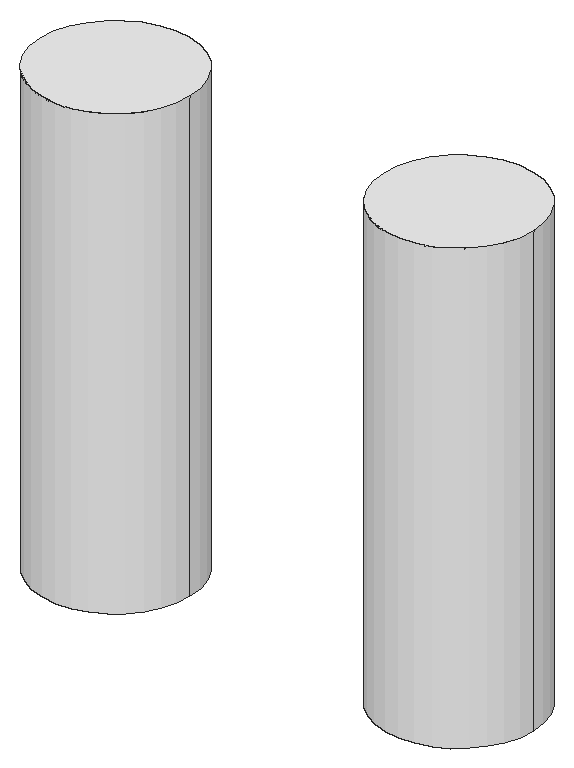
Revit family "45142283(2020)", category Plumbing Fixtures, Revit 2018
Family settings
  Round Connector Dimension = Use Diameter
  Part Type = Normal
  OmniClass Number = 23.45.55.00
  OmniClass Title = Sanitary Faucets, Wastes
  Work Plane-Based = No
  Always vertical = Yes
  Cut with Voids When Loaded = No
  Shared = No
  Room Calculation Point = No
Parameters (values of type "45142283 Kitchen faucet with dishwasher valve ")
  WorkingPressure = "50 - 1000 kPa"
  Working Pressure = "50 - 1000 kPa"
  WarrantyStartDate [instance] = "n/a"
  WarrantyGuarantorParts = "n/a"
  WarrantyGuarantorLabor = "n/a"
  WarrantyDurationUnit = "Year"
  WarrantyDurationParts = "n/a"
  WarrantyDurationLabor = "n/a"
  WarrantyDescription = "http://warranty.hansa.com"
  Warranty Information URL = "http://warranty.hansa.com"
  VersionDate = "01/07/2022"
  Version = "3"  # constant formula
  ValvePattern = "n/a"
  ValveOperation = "n/a"
  ValveMechanism = "n/a"
  Uniclass2015Reference = "Pr_40_20_87_96"
  Uniclass2015Description = "Washbasin manual water supply sets"
  Uniclass2 = "Pr_40_30_96_96"
  URL REACH = "http://static.hansa.com/doc/reach"
  URL Declaration of Conformity = "http://static.hansa.com/DoC/45142283"
  URL DVGW = "http://static.hansa.com/DVGW/45142283"
  URL = ""
  UNSPSC Class Number = "30181700 Faucets or taps"
  TestPressure = "n/a"
  Temperature Adjustments = "Limitation option for maximum temperature and flow-rate ;Adjustable hot water stop (included, retrofittable)"
  Temperature = "Temperature limiter;Temperature limiter (retrofittable)"
  Technical DataSheet URL = "http://www.hansa.com/datasheet/45142283/en"
  TagNumber [instance] = "n/a"
  SustainabilityPerformance = "n/a"
  Surface treatment = "Chrome"
  Spout Type = "Swivel spout;Swivel range limiting option"
  Spout Swivel Range = "120° (60° / 0°)"
  Spout Projection = "213 mm"
  Spare-Part Information URL = "http://static.hansa.com/sp/45142283"
  Size = "110x250x355 mm"
  Shape = "Sculptured"
  SerialNumber [instance] = "n/a"
  Sales Package dimensions (LxWxH) = "760 x 328 x 88"
  Revision = "2"  # constant formula
  ReplacementCost = "n/a"
  ProductInformation = "n/a"
  Product URL = "http://static.hansa.com/45142283"
  Product Image URL = "http://static.hansa.com/image/45142283"
  Product Family = "HANSAPINTO "
  Product Code = "45142283"
  OperatingMechanismMaterial = "n/a"
  NominalWidth = 107.542 mm
  NominalHeight = 355 mm
  NominalDepth = 249.213 mm
  Noise Class = "I (ISO 3822) Oras lab."
  Name_en = "45142283 Kitchen faucet with dishwasher valve"
  Name = "45142283 Kitchen faucet with dishwasher valve"
  NBSReference = "45-35-70/371"
  NBSDescription = "Water supply fittings for wash basins and troughs"
  Mounting Holes = "1 hole"
  ModelReference = "45142283"
  ModelNumber = "n/a"
  Model = "45142283 Kitchen faucet with dishwasher valve"
  Mobile Product Information URL = "http://mpi.hansa.com/45142283"
  Mechanical Parts = "ø 40 mm ceramic cartridge for flow and temperature control"
  Max. Hot Water Supply = 70 °C
  Material = "Brass"
  Market = "Austria;Belgium;Czech Republic;Germany;Spain;France;International;Italy;Netherlands;Slovakia"
  ManufacturerURL = "http://www.hansa.com"
  ManufacturerName = "HANSA"
  Manufacturer = "HANSA"
  Lever Handle = "Hot/Cold symbols;Single operating lever/handle"
  Interactive AR View URL = "https://static.hansa.com/AR/45142283"
  InstallationDate [instance] = "n/a"
  Installation and Maintenance Guide URL = "http://static.hansa.com/manual/45142283"
  Installation Type = "Deck mounted"
  InletConnectionSize = 10 mm
  IfcExportType = "FAUCET"  # constant formula
  IfcExportAs = "IfcValveType"  # constant formula
  Group = "Kitchen faucet"
  Grade = "n/a"
  FlowCoefficient = 0
  Flow Rate At 300kPa = 0.19 L/s
  Flow Drawing URL = "http://static.hansa.com/flowchart/45142283"
  Finish = "Polished"
  Features = "Single-lever, side operated;Dishwasher valve"
  FaucetMainMaterial = Brass
  FDV Document URL = "http://www.hansa.com/datasheet/45142283/en/fdv"
  ExpectedLife = "n/a"
  ETIM Class Number = "EC011431 Kitchen mixing tap"
  EN Standard = "EN 817"
  EAN Number = "4057304003141"
  DurationUnit = "Year"
  Dishwasher Valve = "Mechanic stop valve for external equipment"
  Dimension Drawing URL = "http://static.hansa.com/dimdrw/45142283"
  Description = ""
  DefaultElevation [instance] = 900 mm
  Constituents = "n/a"
  Connection Size = "G3/8"
  Connection = "Flexible inlet pipes"
  Color = "Chrome"
  CodePerformance = "n/a"
  CloseOffRating = 0
  Category = "Kitchen"
  Catalog Drawing URL = "http://static.hansa.com/catdrw/45142283"
  Brand = "HANSA"
  BodyMaterial = "Brass"
  Barcode [instance] = "n/a"
  Backflow Prevention EN1717 = "AA"
  BIMObjectName = "45142283(2020)"
  Author = "BIMStone"
  AssetType = "Fixed"
  AssetIdentifier [instance] = "n/a"
  Approval DVGW = "DW-6506CS0561"
  Aerator = "Standard aerator"
  Advanced Features = "3S-installation system for safe and simple mounting;Inner body made of DZR brass"
  AccessibilityPerformance = "n/a"
  3D View = "https://static.hansa.com/3D/45142283"
  2D/3D/BIM Files URL = "http://static.hansa.com/bim/45142283"
Reference planes
  plane 1 "Center (Front/Back)": y = 0
  plane 2: z = 0
  plane 3 "Center (Left/Right)": x = 0
  plane 4: x = -23.5
  plane 5: z = 900
  plane 6: z = 870
  plane 7: x = 23.5
  plane 8: y = -249.213
  plane 9: z = 1255
  plane 10: x = 84.042
Forms (mm)
  Extrusion 1, solid, material "Brass" <- "FaucetMainMaterial"
    sketch origin (0, 46.009, 0) x (1, 0, 0) y (0, 1, 0)
      loop
        circle (-11.5, -71.208) r 5
      loop
        circle (11.5, -71.208) r 5
    from 870 to 900
Dimensions and locks
  "DefaultElevation": plane 5 to level
  locked: plane 5 to plane 6 at 30
  equal spacing: plane 4, plane 3 "Center (Left/Right)", plane 7, locked at 23.5 each
  "NominalDepth": plane 8 to plane 1 "Center (Front/Back)"
  "NominalHeight": plane 9 to plane 5
  "NominalWidth": plane 4 to plane 10
  locked: plane 7 to plane 10 at 60.542
  "InletConnectionSize": diameter of Extrusion 1 sketch curve  (x2)
  aligned and locked: level to plane 2
  aligned and locked: plane 5 to Extrusion 1
  aligned and locked: Extrusion 1 to plane 6
  aligned and locked: plane 1 "Center (Front/Back)" to nested 2
  aligned and locked: nested 2 to plane 5
  aligned and locked: plane 3 "Center (Left/Right)" to nested 2
Automatic sketch dimensions
  Extrusion 1 sketch curve to plane 3 "Center (Left/Right)" = 11.5 mm
  plane 3 "Center (Left/Right)" to Extrusion 1 sketch curve = 11.5 mm
  plane 1 "Center (Front/Back)" to Extrusion 1 sketch curve = 25.199 mm  (x2)
Nested families
  nested 1: "Symbol" at (0, 0, 0), type "Symbol", detail levels coarse
  nested 2: "45142283_Body" at (0, 0, 900), Material <- "FaucetMainMaterial", type "45142283_Body"
    with Material Brass
Connectors
  piping at (-11.5, -25.199, 870), diameter 10, driven by "InletConnectionSize"
    settings: on Extrusion 1, index 1, connector inside diameter 609.6 mm, connector length 0 mm, flow factor 0, pipe flow 0.19 L/s, pressure drop 0.0 Pa, fitting loss kfactor 0, connector angle 0.00°, fixture units 0, engagement length 0 mm, angle of deflection 0.00°, flow configuration 1, flow direction 1, fitting loss method 0, system type 19, joint type 0, gender type 0, connector reference index -1, connector utility 0, adjustable connector no, is connector primary yes, connector description ""
  piping at (11.5, -25.199, 870), diameter 10, driven by "InletConnectionSize"
    settings: on Extrusion 1, index 2, connector inside diameter 609.6 mm, connector length 0 mm, flow factor 0, pipe flow 0.19 L/s, pressure drop 0.0 Pa, fitting loss kfactor 0, connector angle 0.00°, fixture units 0, engagement length 0 mm, angle of deflection 0.00°, flow configuration 1, flow direction 1, fitting loss method 0, system type 20, joint type 0, gender type 0, connector reference index -1, connector utility 0, adjustable connector no, is connector primary no, connector description ""
Definition of nested family "Symbol"
  Reference planes
    plane 1: y = 0
    plane 2: x = 0
  Lines and regions (mm)
    detail lines
      curve 1: line (0, 0, 0) -> (0, -1.8, 0)
      curve 2: line (-0.4, -1.1, 0) -> (0.4, -1.1, 0)
      curve 3: line (-0.4, -1.4, 0) -> (0.4, -1.4, 0)
      curve 4: line (0.863, 0, 0) -> (-0.863, 0, 0)
      curve 5: circle (-1.163, 0, 0) r 0.3 normal (0, 0, -1)
      curve 6: circle (1.163, 0, 0) r 0.3 normal (0, 0, 1)
Definition of nested family "45142283_Body"
  Parameters (values of type "45142283_Body")
    Material [instance] = none
  Reference planes
    plane 1 "Center (Front/Back)": y = 0
    plane 2: z = 0
    plane 3 "Center (Left/Right)": x = 0
    plane 4: x = -23.5
    plane 5: x = 84.042
    plane 6: x = 23.5
    plane 7: y = -249.234
    plane 8: z = 355
  Forms (mm)
    Revolve 1, solid, material <- "Material", detail levels medium
      sketch origin (0, 0, 0) x (0, 1, 0) y (0, 0, 1)
        loop
          line (-25.199, 0) -> (-1.705, 0) -> (-1.705, 97.418) -> (-4.946, 114.09)
          arc (-4.946, 114.09) -> (-5.455, 114.945) -> (-6.392, 115.282) r 1.474
          line (-6.392, 115.282) -> (-25.199, 115.282) -> (-25.199, 0)
        axis (-25.199, 115.282) -> (-25.199, 0)
      angle from 0 to 360
    Sweep 2, solid, material <- "Material", detail levels medium
      path origin (0, 0, 0) x (0, 1, 0) y (0, 0, 1)
        loop
          line (-13.792, 115.282) -> (-13.792, 239.483)
          arc (-13.792, 239.483) -> (-109.249, 353.245) -> (-237.859, 278.992) r 115.517
          line (-237.859, 278.992) -> (-249.213, 247.798)
      profile origin (0, -13.792, 177.383) x (0, -1, 0) y (1, 0, 0)
        loop
          circle (11.191, 0) r 11.33
    Revolve 3, solid, material <- "Material", detail levels medium
      sketch origin (0, -25.3, 0) x (1, 0, 0) y (0, 0, 1)
        loop
          line (93.911, 78.378) -> (89.916, 101.028) -> (-5.913, 84.123) -> (-1.917, 61.472) -> (93.911, 78.378)
        axis (93.911, 78.378) -> (-1.917, 61.472)
      angle from 0 to 360
    Extrusion 4, solid, material <- "Material", detail levels medium
      sketch origin (0, 36.396, 23.638) x (1, 0, 0) y (0, -0.515038, 0.857167)
        loop
          line (74.594, 106.006) -> (73.214, 77.439) -> (84.042, 77.439) -> (84.042, 100.458)
          arc (84.042, 100.458) -> (82.55, 131.336) -> (78.087, 161.926) r 320.259
          arc (78.087, 161.926) -> (74.266, 164.546) -> (71.58, 160.771) r 3.305
          arc (71.58, 160.771) -> (74.501, 133.467) -> (74.594, 106.006) r 266.178
      from 4.065 to 46.69
    Extrusion 5, void
      sketch origin (0, 0, 0) x (1, 0, 0) y (0, 0, 1)
        loop
          line (84.042, 175.027) -> (84.042, 40.4) -> (100.823, 40.4) -> (100.823, 175.027) -> (84.042, 175.027)
      from -20.227 to 59.145
    Extrusion 6, solid, material <- "Material", detail levels coarse
      sketch origin (0, 0, 0) x (1, 0, 0) y (0, 1, 0)
        loop
          line (-23.5, -249.234) -> (84.042, -249.234) -> (84.042, 0) -> (-23.5, 0) -> (-23.5, -249.234)
      from 0 to 355
    Extrusion 7, solid, material <- "Material", detail levels medium
      sketch origin (0, 52.832, -1.175) x (1, 0, 0) y (0, 0, 1)
        loop
          arc (-2.612, 46.201) -> (-3.704, 38.587) -> (-3.49, 30.897) r 45.237
          arc (-3.49, 30.897) -> (0, 27.78) -> (3.49, 30.897) r 3.513
          arc (3.49, 30.897) -> (3.704, 38.587) -> (2.612, 46.201) r 45.237
          arc (2.612, 46.201) -> (0, 48.277) -> (-2.612, 46.201) r 2.681
      from 115 to 138.035
    Revolve 8, solid, material <- "Material", detail levels medium
      sketch origin (0, 52.832, -1.175) x (0, 1, 0) y (0, 0, 1)
        loop
          line (-85, 40.472) -> (-123.035, 40.472)
          arc (-123.035, 40.472) -> (-133.642, 36.078) -> (-138.035, 25.472) r 15
          line (-138.035, 25.472) -> (-85, 25.472) -> (-85, 40.472)
        axis (-85, 25.472) -> (-138.035, 25.472)
      angle from 0 to 360
  Cuts and joins
    Extrusion 5 cuts Revolve 3
    joined: Revolve 1, Sweep 2, Revolve 3, Extrusion 4, Extrusion 7, Revolve 8
  Lines and regions (mm)
    symbolic lines, detail levels medium+fine
      curve 1: line (0, -1.705, 0) -> (0, -1.705, 59.648)
      curve 2: line (0, -1.705, 97.418) -> (0, -4.946, 114.09)
      curve 3: line (0, -6.392, 115.282) -> (0, -13.792, 115.282)
      curve 4: line (0, -13.792, 115.282) -> (0, -13.792, 239.483)
      curve 5: line (0, -249.213, 247.798) -> (0, -237.859, 278.992)
      curve 6: arc (0, -13.792, 239.483) -> (0, -109.249, 353.245) -> (0, -237.859, 278.992) r 115.517
      curve 7: line (0, -36.566, 127.192) -> (0, -36.566, 239.973)
      curve 8: line (0, -249.213, 247.798) -> (0, -227.914, 240.046)
      curve 9: line (0, -227.914, 240.046) -> (0, -216.399, 271.683)
      curve 10: arc (0, -36.566, 239.973) -> (0, -113.179, 331.277) -> (0, -216.399, 271.683) r 92.712
      curve 11: line (0, -36.566, 127.192) -> (0, -52.318, 150.545)
      curve 12: line (0, -48.523, 80.771) -> (0, -75.747, 137.806)
      curve 13: arc (0, -60.934, 154.041) -> (0, -68.278, 151.27) -> (0, -74.436, 146.403) r 25.574
      curve 14: arc (0, -52.318, 150.545) -> (0, -56.093, 153.607) -> (0, -60.934, 154.041) r 8.331
      curve 15: arc (0, -74.436, 146.403) -> (0, -76.413, 142.306) -> (0, -75.747, 137.806) r 7.74
      curve 16: arc (0, -1.705, 78.722) -> (0, 0.006, 69.185) -> (0, -1.705, 59.648) r 27.433
      curve 17: arc (0, -48.523, 78.429) -> (0, -50.011, 67.278) -> (0, -48.523, 56.126) r 42.534
      curve 18: line (0, -48.523, 78.429) -> (0, -48.523, 80.771)
      curve 19: line (0, -48.523, 56.126) -> (0, -48.523, 39.297)
      curve 20: line (0, -48.523, 9.297) -> (0, -48.523, 0)
      curve 21: line (0, -1.705, 0) -> (0, -48.523, 0)
      curve 27: arc (0, -4.946, 114.09) -> (0, -5.455, 114.945) -> (0, -6.392, 115.282) r 1.474
      curve 30: line (4.353, -1.158, 0) -> (42.015, -1.158, 0)
      curve 31: arc (42.015, -1.158, 0) -> (42.644, -1.368, 0) -> (43.021, -1.913, 0) r 1.048
      curve 32: arc (43.021, -1.913, 0) -> (43.96, -2.014, 0) -> (44.878, -2.24, 0) r 7.065
      curve 33: line (44.878, -2.24, 0) -> (46.471, -2.748, 0)
      curve 34: line (46.471, -2.748, 0) -> (48.301, -0.643, 0)
      curve 35: line (49.711, 0, 0) -> (57.177, 0, 0)
      curve 36: arc (48.301, -0.643, 0) -> (48.936, -0.168, 0) -> (49.711, 0, 0) r 1.869
      curve 37: arc (76.401, -2.416, 0) -> (66.857, -0.67, 0) -> (57.177, 0, 0) r 86.855
      curve 38: arc (77.872, -3.843, 0) -> (82.73, -28.504, 0) -> (84.002, -53.606, 0) r 174.81
      curve 39: arc (77.872, -3.843, 0) -> (77.331, -2.929, 0) -> (76.401, -2.416, 0) r 2.014
      curve 40: arc (84.002, -53.606, 0) -> (83.427, -60.85, 0) -> (82.019, -67.98, 0) r 62.825
      curve 41: arc (82.019, -67.98, 0) -> (80.75, -71.855, 0) -> (79, -75.539, 0) r 32.075
      curve 42: arc (79, -75.539, 0) -> (77.618, -76.468, 0) -> (76.053, -75.896, 0) r 1.834
      curve 43: arc (76.053, -75.896, 0) -> (74.411, -73.621, 0) -> (73.374, -71.014, 0) r 11.406
      curve 44: arc (73.374, -71.014, 0) -> (72.089, -59.748, 0) -> (74.005, -48.572, 0) r 40.144
      curve 45: arc (46.171, -49.788, 0) -> (59.814, -49.399, 0) -> (73.374, -47.836, 0) r 158.207
      curve 46: arc (73.374, -47.836, 0) -> (73.895, -48.028, 0) -> (74.005, -48.572, 0) r 0.569
      curve 47: arc (41.752, -49.136, 0) -> (42.473, -48.891, 0) -> (43.046, -48.389, 0) r 1.959
      curve 48: arc (43.046, -48.389, 0) -> (43.7, -48.419, 0) -> (44.34, -48.276, 0) r 2.487
      curve 49: arc (44.34, -48.276, 0) -> (44.686, -48.818, 0) -> (45.096, -49.314, 0) r 5.179
      curve 50: arc (45.096, -49.314, 0) -> (45.585, -49.66, 0) -> (46.171, -49.788, 0) r 1.505
      curve 51: line (41.752, -49.136, 0) -> (14.779, -49.136, 0)
      curve 52: line (14.779, -49.136, 0) -> (14.779, -62.488, 0)
      curve 53: line (14.779, -62.488, 0) -> (11.33, -71.964, 0)
      curve 54: line (-14.75, -62.488, 0) -> (-14.75, -43.542, 0)
      curve 55: line (-14.75, -62.488, 0) -> (-11.33, -71.885, 0)
      curve 56: line (-11.33, -71.885, 0) -> (-11.33, -237.904, 0)
      curve 57: line (11.33, -71.964, 0) -> (11.33, -237.904, 0)
      curve 58: arc (-11.33, -237.904, 0) -> (0, -249.234, 0) -> (11.33, -237.904, 0) r 11.33
      curve 59: arc (-14.75, -43.542, 0) -> (-21.214, -35.209, 0) -> (-23.5, -24.914, 0) r 24.099
      curve 60: arc (-23.5, -24.914, 0) -> (-17.584, -9.453, 0) -> (-2.889, -1.832, 0) r 23.283
      curve 61: arc (-2.889, -1.832, 0) -> (0.728, -1.455, 0) -> (4.353, -1.158, 0) r 163.088
      curve 75: line (0, -1.705, 78.722) -> (0, -1.705, 97.418)
      curve 77: line (-23.5, 0, 0) -> (23.5, 0, 0)
      curve 78: line (-23.5, 0, 0) -> (-23.5, 0, 97.509)
      curve 79: line (-23.5, 0, 97.509) -> (-20.273, 0, 114.113)
      curve 80: line (-18.8, 0, 115.327) -> (-11.385, 0, 115.327)
      curve 81: line (-11.385, 0, 115.327) -> (-11.385, 0, 343.615)
      curve 82: line (23.5, 0, 0) -> (23.5, 0, 36.183)
      curve 83: line (23.644, 0, 96.77) -> (20.273, 0, 114.113)
      curve 84: line (18.8, 0, 115.327) -> (11.385, 0, 115.327)
      curve 85: line (11.385, 0, 115.327) -> (11.385, 0, 343.615)
      curve 86: arc (-20.273, 0, 114.113) -> (-19.754, 0, 114.984) -> (-18.8, 0, 115.327) r 1.5
      curve 87: arc (20.273, 0, 114.113) -> (19.754, 0, 114.984) -> (18.8, 0, 115.327) r 1.5
      curve 88: arc (-11.385, 0, 343.615) -> (0, 0, 355) -> (11.385, 0, 343.615) r 11.385
      curve 96: line (31.013, 0, 91.706) -> (37.502, 0, 92.85)
      curve 97: arc (38.2, 0, 92.111) -> (39.894, 0, 92.366) -> (41.587, 0, 92.111) r 5.75
      curve 98: line (38.2, 0, 92.111) -> (38.15, 0, 92.396)
      curve 99: arc (37.502, 0, 92.85) -> (37.92, 0, 92.757) -> (38.15, 0, 92.396) r 0.559
      curve 100: arc (31.013, 0, 91.706) -> (26.292, 0, 92.731) -> (23.644, 0, 96.77) r 6.378
      curve 101: line (45.888, 0, 45.548) -> (28.797, 0, 42.506)
      curve 102: arc (28.797, 0, 42.506) -> (24.999, 0, 40.307) -> (23.5, 0, 36.183) r 6.423
      curve 103: arc (46.263, 0, 46.411) -> (49.65, 0, 47.556) -> (52.568, 0, 49.624) r 12.352
      curve 104: line (46.263, 0, 46.411) -> (46.309, 0, 46.151)
      curve 105: arc (46.309, 0, 46.151) -> (46.224, 0, 45.762) -> (45.888, 0, 45.548) r 0.52
      curve 106: line (52.568, 0, 49.624) -> (53.247, 0, 45.77)
      curve 107: arc (53.62, 0, 45.486) -> (66.373, 0, 47.533) -> (78.75, 0, 51.225) r 98.906
      curve 108: arc (80.824, 0, 134.587) -> (78.867, 0, 143.868) -> (76.573, 0, 153.072) r 260.431
      curve 109: arc (81.355, 0, 57.933) -> (82.331, 0, 65.45) -> (83.22, 0, 72.977) r 659.952
      curve 110: arc (78.75, 0, 51.225) -> (80.449, 0, 54.425) -> (81.355, 0, 57.933) r 15.421
      curve 111: arc (53.247, 0, 45.77) -> (53.378, 0, 45.555) -> (53.62, 0, 45.486) r 0.345
      curve 112: arc (74.594, 0, 106.006) -> (74.512, 0, 125.905) -> (72.351, 0, 145.685) r 190.131
      curve 113: arc (72.351, 0, 145.685) -> (72.414, 0, 149.707) -> (73.865, 0, 153.458) r 11.438
      curve 114: arc (73.865, 0, 153.458) -> (75.346, 0, 154.159) -> (76.573, 0, 153.072) r 1.487
      curve 115: line (41.587, 0, 92.111) -> (41.321, 0, 93.619)
      curve 116: line (41.567, 0, 93.958) -> (66.84, 0, 97.51)
      curve 117: arc (66.84, 0, 97.51) -> (72.247, 0, 100.362) -> (74.594, 0, 106.006) r 9.019
      curve 118: arc (41.321, 0, 93.619) -> (41.372, 0, 93.84) -> (41.567, 0, 93.958) r 0.291
      curve 124: arc (80.824, 0, 134.587) -> (83.933, 0, 103.857) -> (83.22, 0, 72.977) r 249.485
      curve 130: line (0, -70.203, 9.297) -> (0, -48.523, 9.297)
      curve 133: line (0, -62.168, 46.593) -> (0, -62.168, 39.297)
      curve 134: line (0, -62.677, 47.093) -> (0, -80.294, 46.774)
      curve 135: line (0, -85.203, 41.775) -> (0, -85.203, 24.297)
      curve 136: arc (0, -70.203, 9.297) -> (0, -80.81, 13.69) -> (0, -85.203, 24.297) r 15
      curve 138: arc (0, -62.168, 46.593) -> (0, -62.317, 46.95) -> (0, -62.677, 47.093) r 0.5
      curve 139: arc (0, -80.294, 46.774) -> (0, -83.771, 45.279) -> (0, -85.203, 41.775) r 5
      curve 141: line (0, -62.168, 39.297) -> (0, -48.523, 39.297)
    symbolic lines, detail levels fine
      curve 22: line (0, -48.523, 56.126) -> (0, -48.523, 78.429)
      curve 23: line (0, -48.523, 80.771) -> (0, -48.523, 97.418)
      curve 24: line (0, -1.705, 97.418) -> (0, -48.523, 97.418)
      curve 25: line (0, -48.523, 97.418) -> (0, -45.405, 114.058)
      curve 26: line (0, -13.792, 115.282) -> (0, -43.931, 115.282)
      curve 28: arc (0, -43.931, 115.282) -> (0, -44.889, 114.936) -> (0, -45.405, 114.058) r 1.5
      curve 29: line (0, -36.566, 127.192) -> (0, -36.566, 115.282)
      curve 62: line (-11.33, -71.885, 0) -> (-11.33, -24.982, 0)
      curve 63: line (11.33, -71.964, 0) -> (11.33, -24.982, 0)
      curve 64: arc (-11.33, -24.982, 0) -> (0, -13.653, 0) -> (11.33, -24.982, 0) r 11.33
      curve 65: arc (-11.33, -45.771, 0) -> (-13.103, -44.753, 0) -> (-14.75, -43.542, 0) r 18.127
      curve 66: arc (-2.889, -1.832, 0) -> (22.127, -17.895, 0) -> (11.33, -45.594, 0) r 23.471
      curve 67: arc (-11.33, -41.96, 0) -> (0, -4.88, 0) -> (11.33, -41.96, 0) r 20.271
      curve 68: arc (8.611, -1.158, 0) -> (31.109, -23.801, 0) -> (11.33, -48.854, 0) r 24.06
      curve 69: line (42.015, -1.158, 0) -> (41.471, -49.136, 0)
      curve 70: line (46.471, -2.748, 0) -> (44.191, -5.027, 0)
      curve 71: line (44.34, -48.276, 0) -> (44.191, -5.027, 0)
      curve 72: arc (74.026, -48.318, 0) -> (74.541, -40.811, 0) -> (74.805, -33.292, 0) r 226.217
      curve 73: arc (74.805, -33.292, 0) -> (77.713, -28.965, 0) -> (82.873, -29.7, 0) r 4.904
      curve 74: circle (60.19, -36.855, 0) r 5.52 normal (0, 0, 1)
      curve 76: line (0, -1.705, 59.648) -> (0, -1.705, 78.722)
      curve 89: arc (-11.385, 0, 275.455) -> (0, 0, 278.875) -> (11.385, 0, 275.455) r 20.661
      curve 90: arc (-11.385, 0, 259.71) -> (0, 0, 263.265) -> (11.385, 0, 259.71) r 20.006
      curve 91: line (-11.385, 0, 243.73) -> (11.385, 0, 244.011)
      curve 92: line (-11.385, 0, 243.402) -> (11.385, 0, 243.121)
      curve 93: line (-11.385, 0, 115.327) -> (11.385, 0, 115.327)
      curve 94: line (-23.5, 0, 97.509) -> (23.5, 0, 97.509)
      curve 95: arc (-3.599, 0, 38.843) -> (0.104, 0, 9.294) -> (3.597, 0, 38.868) r 15
      curve 119: line (46.263, 0, 46.411) -> (38.2, 0, 92.111)
      curve 120: line (41.587, 0, 92.111) -> (46.295, 0, 65.407)
      curve 121: arc (46.295, 0, 65.407) -> (47.57, 0, 61.331) -> (49.838, 0, 57.712) r 16.663
      curve 122: arc (52.179, 0, 52.217) -> (52.357, 0, 50.918) -> (52.568, 0, 49.624) r 51.293
      curve 123: arc (49.838, 0, 57.712) -> (51.394, 0, 55.129) -> (52.179, 0, 52.217) r 10.836
      curve 125: circle (60.419, 0, 92.592) r 3.05 normal (0, -1, 0)
      curve 126: line (23.5, 0, 97.509) -> (-6.697, 0, 61.521)
      curve 127: line (23.5, 0, 36.183) -> (-6.697, 0, 61.521)
      curve 128: line (28.797, 0, 42.506) -> (6, 0, 62.007)
      curve 129: line (6, 0, 62.007) -> (31.013, 0, 91.706)
      curve 131: line (0, -70.203, 39.297) -> (0, -62.168, 39.297)
      curve 132: arc (0, -48.523, 39.297) -> (0, -43.835, 24.297) -> (0, -48.523, 9.297) r 26.342
      curve 137: arc (0, -85.203, 24.297) -> (0, -80.81, 34.903) -> (0, -70.203, 39.297) r 15
      curve 140: line (0, -62.168, 39.297) -> (0, -62.168, 9.297)
      curve 142: arc (-2.612, 0, 45.026) -> (-3.704, 0, 37.411) -> (-3.49, 0, 29.722) r 45.237
      curve 143: arc (-3.49, 0, 29.722) -> (0, 0, 26.605) -> (3.49, 0, 29.722) r 3.513
      curve 144: arc (3.49, 0, 29.722) -> (3.704, 0, 37.411) -> (2.612, 0, 45.026) r 45.237
      curve 145: arc (2.612, 0, 45.026) -> (0, 0, 47.102) -> (-2.612, 0, 45.026) r 2.681
      curve 146: line (14.779, -49.136, 0) -> (11.33, -49.136, 0)
  Dimensions and locks
    aligned and locked: level to plane 2
